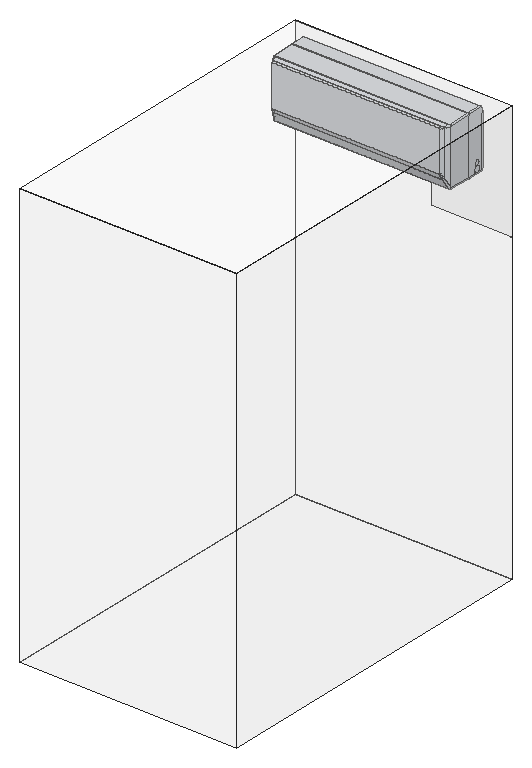
Revit family "pk-rp40_112(la)ka17_50Hz", category 機械設備, Revit 2019 (continued)
Definition of nested family "pk-rp80_112(la)ka17"
  Automatic sketch dimensions
    Extrusion 1 sketch curve to Extrusion 1 sketch curve = 0.55 mm
    Extrusion 1 sketch curve to plane 10 "Fkidasi_Z" = 2.093 mm
    Extrusion 1 sketch curve to Extrusion 1 sketch curve = 1.656 mm
    Extrusion 1 sketch curve to Extrusion 1 sketch curve = 0.34 mm
    plane 10 "Fkidasi_Z" to Extrusion 1 sketch curve = 0.97 mm
    Extrusion 1 sketch curve to Extrusion 1 sketch curve = 2.544 mm
    Extrusion 1 sketch curve to Extrusion 1 sketch curve = 4.57 mm
    Extrusion 1 sketch curve to Extrusion 1 sketch curve = 0.828 mm
    Extrusion 1 sketch curve to Extrusion 1 sketch curve = 2.282 mm
    Extrusion 1 sketch curve to Extrusion 1 sketch curve = 1.509 mm
    Extrusion 1 sketch curve to plane 10 "Fkidasi_Z" = 2.669 mm
    Extrusion 1 sketch curve to Extrusion 1 sketch curve = 3.53 mm
    Extrusion 1 sketch curve to Extrusion 1 sketch curve = 0.245 mm
    Extrusion 1 sketch curve to plane 10 "Fkidasi_Z" = 0.212 mm
    Extrusion 1 sketch curve to Extrusion 1 sketch curve = 11.126 mm
    Extrusion 1 sketch curve to Extrusion 1 sketch curve = 11.355 mm
    plane 10 "Fkidasi_Z" to Extrusion 1 sketch curve = 0.239 mm
    Extrusion 1 sketch curve to Extrusion 1 sketch curve = 0.886 mm
    Extrusion 1 sketch curve to Extrusion 1 sketch curve = 14.099 mm
    Extrusion 1 sketch curve to Extrusion 1 sketch curve = 0.981 mm  (x3)
    Extrusion 1 sketch curve to plane 2 = 91.302 mm
    plane 6 "UNDER" to Extrusion 1 sketch curve = 3.179 mm
    Extrusion 1 sketch curve to Extrusion 1 sketch curve = 2.631 mm
    Extrusion 1 sketch curve to Extrusion 1 sketch curve = 10.856 mm
    Extrusion 1 sketch curve to plane 10 "Fkidasi_Z" = 10.968 mm
    Extrusion 1 sketch curve to Extrusion 1 sketch curve = 1.969 mm
    Extrusion 1 sketch curve to plane 10 "Fkidasi_Z" = 1.653 mm
    Extrusion 1 sketch curve to plane 10 "Fkidasi_Z" = 0.674 mm
    Extrusion 1 sketch curve to Extrusion 1 sketch curve = 0.182 mm
    plane 10 "Fkidasi_Z" to Extrusion 1 sketch curve = 19.962 mm
    plane 10 "Fkidasi_Z" to Extrusion 1 sketch curve = 45.88 mm
    Extrusion 1 sketch curve to Extrusion 1 sketch curve = 9.288 mm
    Extrusion 1 sketch curve to Extrusion 1 sketch curve = 1.712 mm
    Extrusion 1 sketch curve to Extrusion 1 sketch curve = 2.453 mm
    Extrusion 1 sketch curve to Extrusion 1 sketch curve = 1.702 mm
    Extrusion 1 sketch curve to Extrusion 1 sketch curve = 0.58 mm
    Extrusion 1 sketch curve to Extrusion 1 sketch curve = 1.434 mm
    Extrusion 1 sketch curve to level = 23.558 mm
    Extrusion 1 sketch curve to Extrusion 1 sketch curve = 8.081 mm
    Extrusion 1 sketch curve to Extrusion 1 sketch curve = 4.288 mm
    Extrusion 1 sketch curve to Extrusion 1 sketch curve = 0.784 mm
    Extrusion 1 sketch curve to Extrusion 1 sketch curve = 0 mm
    Extrusion 1 sketch curve to Extrusion 1 sketch curve = 1.627 mm
    Extrusion 1 sketch curve to Extrusion 1 sketch curve = 0.002 mm
    Extrusion 1 sketch curve to level = 0 mm
    plane 19 to Extrusion 1 sketch curve = 6.097 mm
    Extrusion 1 sketch curve to Extrusion 1 sketch curve = 10.916 mm
    curve 15 to Extrusion 1 = 0 mm
    curve 17 to Extrusion 1 = 0 mm
    curve 20 to Extrusion 1 = 0 mm
    curve 13 to Extrusion 1 = 0 mm
    curve 10 to Extrusion 1 = 0 mm
    curve 8 to Extrusion 1 = 0 mm
    curve 15 to Extrusion 1 = 20 mm
    curve 15 to curve 16 = 8 mm
    curve 19 to Extrusion 1 = 1.466 mm
    curve 21 to Extrusion 1 = 3.034 mm
    curve 21 to curve 17 = 22.703 mm
    curve 14 to curve 9 = 24.618 mm
    curve 10 to curve 14 = 23.733 mm
    curve 10 to curve 12 = 34.286 mm
    curve 9 to Extrusion 1 = 28 mm
    curve 11 to curve 8 = 8 mm
    curve 19 to curve 21 = 11.583 mm
    curve 18 to curve 19 = 23.714 mm
    curve 19 to curve 16 = 19.672 mm
    curve 9 to Extrusion 1 = 35.752 mm
    curve 13 to curve 10 = 10 mm
    curve 13 to curve 11 = 79 mm
    plane 19 to Extrusion 1 sketch curve = 29.248 mm
    curve 6 to Extrusion 1 = 0 mm
    curve 2 to Extrusion 1 = 0 mm
    curve 1 to Extrusion 1 = 0 mm
    curve 2 to Extrusion 1 = 7.8 mm
    curve 1 to Extrusion 1 = 57 mm
    curve 4 to curve 7 = 0 mm
    curve 5 to curve 3 = 8 mm
    curve 3 to curve 7 = 50.624 mm
    curve 7 to curve 6 = 8.376 mm
    curve 7 to curve 3 = 7.895 mm
    curve 24 to Extrusion 1 = 1 mm
    curve 32 to Extrusion 1 = 1.705 mm
    curve 5 to curve 32 = 45 mm
    curve 4 to curve 24 = 48 mm
    curve 32 to Extrusion 1 = 1.664 mm
    curve 2 to Extrusion 1 = 57 mm
    curve 25 to Extrusion 1 = 0 mm
    curve 26 to Extrusion 1 = 0 mm
    curve 30 to Extrusion 1 = 0 mm
    Extrusion 1 to curve 25 = 57 mm
    Extrusion 1 to curve 26 = 7.8 mm
    Extrusion 1 to curve 26 = 57 mm
    curve 31 to curve 28 = 0 mm
    curve 28 to curve 27 = 8 mm
    curve 29 to curve 31 = 50.624 mm
    curve 31 to curve 30 = 8.376 mm
    curve 31 to curve 27 = 7.895 mm
    Extrusion 1 to curve 23 = 1 mm
    Extrusion 1 to curve 22 = 1.664 mm
    Extrusion 1 to curve 22 = 110 mm
    Extrusion 1 to curve 22 = 1.705 mm
    curve 28 to curve 23 = 48 mm
Definition of nested family "Space View_1"
  Parameters (values of type "Space View_1")
    Width [instance] = 1100 mm
    Top [instance] = 72 mm
    Space View 1 [instance] = yes
    Right [instance] = 27 mm
    Left [instance] = 22 mm
    Hight [instance] = 325 mm
    Bot_1 [instance] = 7 mm
  Reference planes
    plane 1 "Center (Front/Back)": y = 0
    plane 2: z = 0
    plane 3 "Center (Left/Right)": x = 0
    plane 4: x = -572
    plane 5: z = 72
    plane 6: x = 577
    plane 7: z = -332
    plane 8: x = -550
    plane 9: x = 550
    plane 10: z = -325
  Forms (mm)
    Extrusion 1, solid, visible <- "Space View 1"
      sketch origin (0, 0, -4540) x (-1, 0, 0) y (0, 0, 1)
        loop
          line (572, 4612) -> (-577, 4612) -> (-577, 4208) -> (572, 4208) -> (572, 4612)
      from 0 to -1
  Dimensions and locks
    equal spacing: plane 9, plane 3 "Center (Left/Right)", plane 8
    "Width": plane 9 to plane 8
    "Right": plane 9 to plane 6
    "Left": plane 8 to plane 4
    "Hight": level to plane 10
    "Bot_1": plane 10 to plane 7
    "Top": plane 5 to level
    aligned and locked: level to plane 2
    aligned and locked: plane 5 to Extrusion 1
    aligned and locked: Extrusion 1 to plane 4
    aligned and locked: Extrusion 1 to plane 6
    aligned and locked: Extrusion 1 to plane 7
  Automatic sketch dimensions
    plane 5 to Extrusion 1 sketch curve = 0 mm
    plane 6 to Extrusion 1 sketch curve = 0 mm
    Extrusion 1 sketch curve to plane 7 = 0 mm
    Extrusion 1 sketch curve to plane 4 = 0 mm
Types (9, lengths in mm): name | 風量_静 (m3/min) | 風量_強 (m3/min) | 風量_弱 (m3/min) | 風量_中 (m3/min) | 風量 | 音響パワーレベル（静）(dB) | 音響パワーレベル（弱）(dB) | 音響パワーレベル（中）(dB) | 音響パワーレベル(dB) | 電動機出力_送風機 | 質量 | 構成品番 | 壁掛_PK-RP80_112KA17 | 壁掛_PK-RP56_71KA17 | 壁掛_PK-RP40_50LA | 冷媒液管位置-Z | 冷媒液管位置-Y | 冷媒液管位置-X | 冷媒ガス管位置-Z | 冷媒ガス管位置-Y | 冷媒ガス管位置-X | ドレン位置-Z | ドレン位置-Y | ドレン位置-X | サービススペース PK-RP56KA～PK-RP71KA | サービススペース PK-RP40LA～PK-RP50LA / PK-RP80KA～PK-RP112KA | URL | Space Top | Space Right_1 | Space Right | Space Left | Space Bot_2 | MIN２風量 | MIN風量 | MID風量 | MAX風量 | 製品質量 | 消費電力_暖房 | 消費電力_冷房 | 消費電力 | 暖房能力 | 始動方式 | 冷房能力 | 冷媒管径符号 | 冷媒液管径 | 冷媒ガス管径 | Width | S_H | Height | Depth | 価格 | Clearance Top | Clearance Right | Clearance Left
  (no name) | 6.8 | 10.7 | 8.2 | 9.4 | 642.0 m³/h | 47 | 51 | 54 | 57 | 0.03 kW | 15.00 kg | "PK-RP40LA" | no | no | yes | 280 | 35 | 711 | 268 | 35 | 642 | 245 | 35 | 660 | no | yes | "https://www.mitsubishielectric.co.jp/ldg/wink/ssl/displayProduct.do?pid=311483" | 50 | 260 | 150 | 50 | 250 | 408.0 m³/h | 492.0 m³/h | 564.0 m³/h | 642.0 m³/h | 12.50 kg | 0.03 kW | 0.04 kW | 0.04 kW | 4.00 kW | "直入" | 3.6 kW | "Ac" | 6.35 | 12.70 | 898 | 356 | 299 | 237 | 205000 | 50 | 150 | 50
  壁掛_PK-RP45LA | 6.8 | 10.7 | 8.2 | 9.4 | 642.0 m³/h | 48 | 51 | 54 | 57 | 0.03 kW | 15.00 kg | "PK-RP45LA" | no | no | yes | 280 | 35 | 711 | 268 | 35 | 642 | 245 | 35 | 660 | no | yes | "https://www.mitsubishielectric.co.jp/ldg/wink/ssl/displayProduct.do?pid=311484" | 50 | 260 | 150 | 50 | 250 | 408.0 m³/h | 492.0 m³/h | 564.0 m³/h | 642.0 m³/h | 12.50 kg | 0.03 kW | 0.04 kW | 0.04 kW | 4.50 kW | "直⼊" | 4 kW | "Ac" | 6.35 | 12.70 | 898 | 356 | 299 | 237 | 213000 | 50 | 150 | 50
  壁掛_PK-RP50LA | 6.8 | 10.7 | 8.2 | 9.4 | 642.0 m³/h | 48 | 51 | 54 | 57 | 0.03 kW | 15.00 kg | "PK-RP50LA" | no | no | yes | 280 | 35 | 711 | 268 | 35 | 642 | 245 | 35 | 660 | no | yes | "https://www.mitsubishielectric.co.jp/ldg/wink/ssl/displayProduct.do?pid=311485" | 50 | 260 | 150 | 50 | 250 | 408.0 m³/h | 492.0 m³/h | 564.0 m³/h | 642.0 m³/h | 12.50 kg | 0.03 kW | 0.04 kW | 0.04 kW | 5.00 kW | "直⼊" | 4.5 kW | "Ac" | 6.35 | 12.70 | 898 | 356 | 299 | 237 | 251000 | 50 | 150 | 50
  壁掛_PK-RP40LA | 6.8 | 10.7 | 8.2 | 9.4 | 642.0 m³/h | 47 | 51 | 54 | 57 | 0.03 kW | 15.00 kg | "PK-RP40LA" | no | no | yes | 280 | 35 | 711 | 268 | 35 | 642 | 245 | 35 | 660 | no | yes | "https://www.mitsubishielectric.co.jp/ldg/wink/ssl/displayProduct.do?pid=311483" | 50 | 260 | 150 | 50 | 250 | 408.0 m³/h | 492.0 m³/h | 564.0 m³/h | 642.0 m³/h | 12.50 kg | 0.03 kW | 0.04 kW | 0.04 kW | 4.00 kW | "直入" | 3.6 kW | "Ac" | 6.35 | 12.70 | 898 | 356 | 299 | 237 | 205000 | 50 | 150 | 50
  壁掛_PK-RP71KA17 | 0 | 17.2 | 9.4 | 13.6 | 1032.0 m³/h | 0 | 49 | 56 | 62 | 0.057 kW | 19.20 kg | "PK-RP71KA17" | no | yes | no | 250 | 25 | 673 | 270 | 25 | 603 | 300 | 25 | 733 | yes | no | "https://www.mitsubishielectric.co.jp/ldg/wink/ssl/displayProduct.do?pid=311488" | 72 | 0 | 27 | 22 | 0 | 0.0 m³/h | 564.0 m³/h | 816.0 m³/h | 1032.0 m³/h | 16.00 kg | 0.06 kW | 0.06 kW | 0.06 kW | 7.00 kW | "直⼊" | 6.3 kW | "Bd" | 9.52 | 15.88 | 1100 | 404 | 325 | 258 | 264000 | 72 | 27 | 22
  壁掛_PK-RP80KA17 | 0 | 23 | 17 | 20 | 1380.0 m³/h | 0 | 53 | 57 | 61 | 0.057 kW | 25.20 kg | "PK-RP80KA17" | yes | no | no | 312 | 30 | 636 | 333 | 25 | 567 | 347 | 61 | 719 | no | yes | "https://www.mitsubishielectric.co.jp/ldg/wink/ssl/displayProduct.do?pid=311489" | 48 | 220 | 100.5 | 52.3 | 250 | 0.0 m³/h | 1020.0 m³/h | 1200.0 m³/h | 1380.0 m³/h | 21.00 kg | 0.07 kW | 0.07 kW | 0.07 kW | 8.00 kW | "直⼊" | 7.1 kW | "Bd" | 9.52 | 15.88 | 1170 | 420 | 365 | 295 | 272000 | 48 | 100.5 | 52.3
  壁掛_PK-RP56KA17 | 0 | 17.2 | 9.4 | 13.6 | 1032.0 m³/h | 0 | 49 | 56 | 62 | 0.057 kW | 19.20 kg | "PK-RP56KA17" | no | yes | no | 250 | 25 | 673 | 270 | 25 | 603 | 300 | 25 | 733 | yes | no | "https://www.mitsubishielectric.co.jp/ldg/wink/ssl/displayProduct.do?pid=311486" | 72 | 0 | 27 | 22 | 0 | 0.0 m³/h | 564.0 m³/h | 816.0 m³/h | 1032.0 m³/h | 16.00 kg | 0.06 kW | 0.06 kW | 0.06 kW | 5.60 kW | "直⼊" | 5 kW | "Ac" | 6.35 | 12.70 | 1100 | 404 | 325 | 258 | 262000 | 72 | 27 | 22
  壁掛_PK-RP63KA17 | 0 | 17.2 | 9.4 | 13.6 | 1032.0 m³/h | 0 | 49 | 56 | 62 | 0.057 kW | 19.20 kg | "PK-RP63KA17" | no | yes | no | 250 | 25 | 673 | 270 | 25 | 603 | 300 | 25 | 733 | yes | no | "https://www.mitsubishielectric.co.jp/ldg/wink/ssl/displayProduct.do?pid=311487" | 72 | 0 | 27 | 22 | 0 | 0.0 m³/h | 564.0 m³/h | 816.0 m³/h | 1032.0 m³/h | 16.00 kg | 0.06 kW | 0.06 kW | 0.06 kW | 6.30 kW | "直⼊" | 5.6 kW | "Ac" | 6.35 | 12.70 | 1100 | 404 | 325 | 258 | 263000 | 72 | 27 | 22
  壁掛_PK-RP112KA17 | 0 | 25 | 17 | 21 | 1500.0 m³/h | 0 | 56 | 61 | 66 | 0.057 kW | 25.20 kg | "PK-RP112KA17" | yes | no | no | 312 | 30 | 636 | 333 | 25 | 567 | 347 | 61 | 719 | no | yes | "https://www.mitsubishielectric.co.jp/ldg/wink/ssl/displayProduct.do?pid=311490" | 48 | 220 | 100.5 | 52.3 | 250 | 0.0 m³/h | 1020.0 m³/h | 1260.0 m³/h | 1500.0 m³/h | 21.00 kg | 0.07 kW | 0.07 kW | 0.07 kW | 11.20 kW | "直⼊" | 10 kW | "Bd" | 9.52 | 15.88 | 1170 | 420 | 365 | 295 | 280000 | 48 | 100.5 | 52.3
